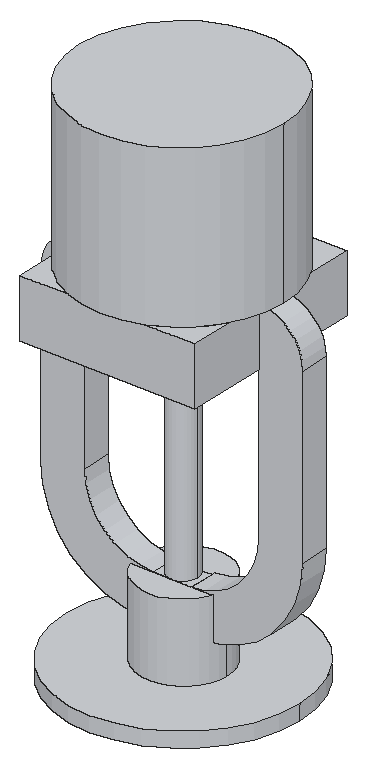
Revit family
Parameters (values of type "RASCO F1FR56 PENDENT")
  Temperature Rating = 135 °F
  Response = 1
  RASCO SIN # = "RA1414"
  RASCO Part # = "F1FR56P0W"
  Pressure Rating = "175 PSI"
  Pressure Class = (empty or 0)
  Orifice Size = 1/2"
  Orifice = (empty or 0)
  Model = "F1FR56"
  Manufacturer = "RASCO"
  K-Factor = 5.6
  Description = "White FINISH"
  Coverage = (empty or 0)
Reference planes (in)
  plane 1 "Center (Front/Back)": y = 0
  plane 2: z = 0
  plane 3 "Center (Left/Right)": x = 0
Dimensions and locks (in)
  aligned and locked: plane 2 to level
Nested families (in)
  nested 1: "F1FR56P0W" at (-0.0113, 0, 2.4375) x (-1, 0, 0) z (0, 0, -1), type "RASCO F1FR56 PENDENT"
Connectors (in)
  piping at (-0.0113, 0, 2.4375)
    settings: on nested 1, index 1, connector radius 115/256", flow factor 0, pipe flow 0 GPM, pressure drop 0.00 psi, fitting loss kfactor 0, connector angle 0.00°, fixture units 0, flow configuration 0, flow direction 0, fitting loss method 0, system type 7, connector reference index -1, connector utility 0, adjustable connector no, is connector primary yes, fitting loss table "", connector description ""
  piping at (-0.0113, 0, 2.4375)
    settings: on nested 1, index 2, connector radius 12", flow factor 0, pipe flow 0 GPM, pressure drop 0.00 psi, fitting loss kfactor 0, connector angle 0.00°, fixture units 0, flow configuration 0, flow direction 0, fitting loss method 0, system type 7, connector reference index -1, connector utility 0, adjustable connector no, is connector primary no, fitting loss table "", connector description ""
Definition of nested family "F1FR56P0W"
  Parameters (values of type "RASCO F1FR56 PENDENT")
    Type Comments = ""
    Temperature Rating = 0 °F
    Response = (empty or 0)
    Pressure Rating = "0"
    Pressure Class = (empty or 0)
    Orifice Size = 0"
    Orifice = (empty or 0)
    Model = ""
    Manufacturer = ""
    K-Factor = 0
    Description = ""
    Coverage = (empty or 0)
    Assembly Code = ""
  Reference planes (in)
    plane 1 "Center (Front/Back)": y = 0
    plane 2: z = 0
    plane 3 "ref.2": z = 0.6875
    plane 4 "ref.3": z = 0.9375
    plane 5: x = -0.38065
    plane 6: x = 0.36935
    plane 7 "ref. side 1": y = 0.06402
    plane 8 "ref. side 2": y = -0.06098
    plane 9 "ref.4": z = 1.875
    plane 10 "ref.5": z = 2.3125
    plane 11 "ref.6": z = 2.4375
  Forms (in)
    Extrusion 1, solid
      sketch origin (0, 0, 0) x (1, 0, 0) y (0, 1, 0)
        loop
          circle (0, 0) r 0.4379
      from 0 to 0.6875
    Extrusion 2, solid
      sketch origin (-0.12185, 0.05177, 0.6875) x (1, 0, 0) y (0, 1, 0)
        loop
          line (-0.2588, 0.356) -> (-0.2588, -0.4565) -> (0.4912, -0.4565) -> (0.4912, 0.356) -> (-0.2588, 0.356)
      from 0 to 0.25
    Extrusion 3, solid
      sketch origin (0, 0, 0) x (1, 0, 0) y (0, 0, 1)
        loop
          line (-0.38065, 0.68754) -> (-0.38065, 1.58397)
          arc (-0.38065, 1.58397) -> (-0.29541, 1.78976) -> (-0.08962, 1.875) r 0.29103
          line (-0.08962, 1.875) -> (0.07524, 1.875)
          arc (0.07524, 1.875) -> (0.28321, 1.78886) -> (0.36935, 1.58089) r 0.29411
          line (0.36935, 1.58089) -> (0.36935, 0.68751)
          arc (0.36935, 0.68751) -> (0.50207, 0.74393) -> (0.55685, 0.87734) r 0.18984
          line (0.55685, 0.87734) -> (0.55685, 1.61676)
          arc (0.55685, 1.61676) -> (0.42629, 1.93194) -> (0.11111, 2.0625) r 0.44574
          line (0.11111, 2.0625) -> (-0.12259, 2.0625)
          arc (-0.12259, 2.0625) -> (-0.43765, 1.932) -> (-0.56815, 1.61694) r 0.44556
          line (-0.56815, 1.61694) -> (-0.56815, 0.87876)
          arc (-0.56815, 0.87876) -> (-0.51345, 0.74486) -> (-0.38065, 0.68754) r 0.19126
      from -0.06402 to 0.06098
    Extrusion 4, solid
      sketch origin (0, 0, 0.9375) x (-1, 0, 0) y (0, -1, 0)
        loop
          circle (0.00574, -0.00152) r 0.0625
      from 0 to 0.9375
    Extrusion 5, solid
      sketch origin (0, 0, 1.875) x (-1, 0, 0) y (0, -1, 0)
        loop
          circle (0.00574, -0.00152) r 0.1875
      from 0 to 0.4375
    Extrusion 6, solid
      sketch origin (0, 0, 2.3125) x (0, -1, 0) y (1, 0, 0)
        loop
          circle (-0.00152, -0.00574) r 0.5
      from -0.10531 to -0.03987
  Cuts and joins
    joined: Extrusion 1, Extrusion 2, Extrusion 4
  Lines and regions (in)
    model lines
      curve 1: line (-0.00574, 0.06402, 1.875) -> (-0.00574, -0.06098, 1.875)
